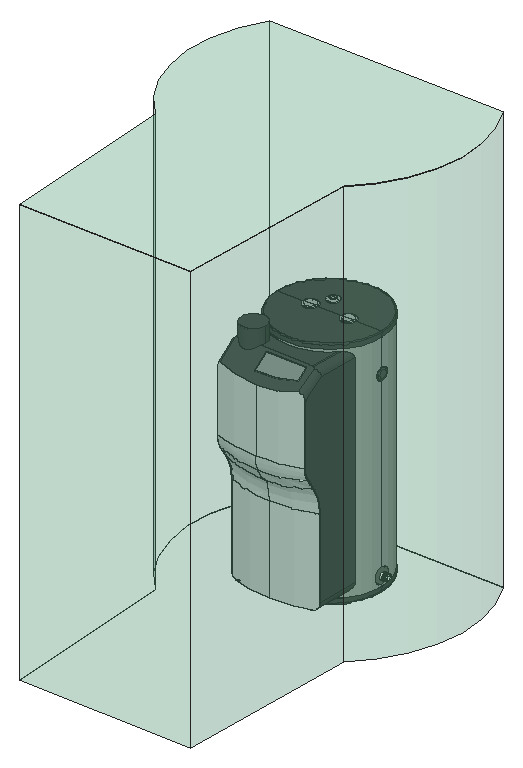
Revit family "Innovo NL_IR 20 200 NL NAT", category Mechanical Equipment, Revit 2015
Parameters (values of type "IR-20-200 NL NAT")
  Werkruimte Radius = Diameter + 170 mm  # 730 mm
  Werkruimte Hoogte = Hoogte + 1000 mm  # 2270 mm
  Werkruimte Afstand Voor = 1000 mm
  Werkruimte [instance] = yes
  Voorzorgsmaatregelen tijdens montage, installatie of onderhoud = "zie Gebruikers, Installatie, Service en Onderhouds handleiding"  # constant formula
  Voltage = 230 V  # constant formula
  Verpakkingslengte = 946 mm  # constant formula
  Verpakkingshoogte = 1465 mm
  Verpakkingsbreedte = 786 mm  # constant formula
  Uitsluitend werkend in daluren = no
  Type aanduiding = "IR-20-160"
  Transportgewicht = 114 kg
  Totaal Gewicht = 274 kg
  Stilstandsverlies - dagelijks (24u) = 0 W
  Stilstandsverlies = 0 W
  Standaard Afgesteld op = "G25.3"
  Stand Regelthermostaat = 65 °C  # constant formula
  Soort Verpakking = "Karton en Hout"  # constant formula
  Slimme controlefunctie = no
  Setpoint thermostaat = 65 °C  # constant formula
  Seizoens Rendement (Hs) = [Rendement (Hs, vlgs. NEN-EN 89 - 1999)]  # 95
  Rendement (Hs, vlgs. NEN-EN 89 - 1999) = 95
  Rendement (Hi, vlgs. NEN-EN 89 - 1999) = 106
  Produktspecificaties Link = ""
  Produkthandleiding Link = ""
  Produkt Model Nummer (EAN-nummer) = "8717449283803"
  Onderhoudsinterval = "12 maanden"  # constant formula
  Nominale Belasting (Onderwaarde) = "18000.0"
  Nominale Belasting (Bovenwaarde) = "20000.0"
  Nominaal Vermogen = "19100.0"
  NOx-uitstoot mg/kWh = "30.0"
  NOx-uitstoot (lucht vrij, 0% O2) ppm = "19"
  Min. Stand Regelthermostaat = 40 °C  # constant formula
  Max. Werkdruk = 800000.0 Pa
  Max. Stand Regelthermostaat = 85 °C  # constant formula
  Max. Rookgastemperatuur = 61 °C
  Ledig Gewicht = 95 kg
  Kraan Hoogte 02 = if(and(Hoogte = 1745 mm, Diameter = 675 mm), 1518 mm, if(and(Hoogte = 1745 mm, Diameter = 610 mm), 1534 mm, if(Hoogte = 1545 mm, 1328 mm, 1070 mm)))  # 1070 mm
  Kraan Hoogte 01 = if(and(Diameter > 560 mm), 693 mm, 604 mm)  # 604 mm
  Uitschakeldruk LDS < = 115.0 Pa
  URL = "www.aosmith.nl"
  Tapcapaciteit bij ΔT = 70°C  na 90 min. = 410.0 L
  Tapcapaciteit bij ΔT = 70°C  na 60 min. = 290.0 L
  Tapcapaciteit bij ΔT = 70°C  na 30 min. = 170.0 L
  Tapcapaciteit bij ΔT = 70°C  na 120 min. = 520.0 L
  Tapcapaciteit bij ΔT = 55°C  na 90 min. = 540.0 L
  Tapcapaciteit bij ΔT = 55°C  na 60 min. = 390.0 L
  Tapcapaciteit bij ΔT = 55°C  na 30 min. = 240.0 L
  Tapcapaciteit bij ΔT = 55°C  na 120 min. = 700.0 L
  Tapcapaciteit bij ΔT = 50°C  na 90 min. = 600.0 L
  Tapcapaciteit bij ΔT = 50°C  na 60 min. = 440.0 L
  Tapcapaciteit bij ΔT = 50°C  na 30 min. = 270.0 L
  Tapcapaciteit bij ΔT = 50°C na 120 min. = 770.0 L
  Tapcapaciteit bij ΔT = 44°C na 120 min. = 690.0 L
  Tapcapaciteit bij ΔT = 44°C  na 90 min. = 510.0 L
  Tapcapaciteit bij ΔT = 44°C  na 60 min. = 320.0 L
  Tapcapaciteit bij ΔT = 44°C  na 30 min. = 880.0 L
  Tapcapaciteit bij ΔT = 28°C na 90 min. = 1200.0 L
  Tapcapaciteit bij ΔT = 28°C na 60 min. = 820.0 L
  Tapcapaciteit bij ΔT = 28°C na 30 min. = 530.0 L
  Tapcapaciteit bij ΔT = 28°C na 120 min. = 1500.0 L
  Tapcapaciteit Continu bij ΔT = 70°C = 240.0 L/s
  Tapcapaciteit Continu bij ΔT = 55°C = 300.0 L/s
  Tapcapaciteit Continu bij ΔT = 50°C = 330.0 L/s
  Tapcapaciteit Continu bij ΔT = 44°C = 380.0 L/s
  Tapcapaciteit Continu bij ΔT = 28°C = 590.0 L/s
  Opwarmtijd bij ΔT = 70°C = "27"
  Opwarmtijd bij ΔT = 55°C = "21"
  Opwarmtijd bij ΔT = 50°C = "19"
  Opwarmtijd bij ΔT = 44°C = "17"
  Opwarmtijd bij ΔT = 28°C = "11"
  Model = "IR-20-160 NL NAT"
  Manufacturer = "A.O. Smith Water Products Company b.v."  # constant formula
  Length = 780 mm  # constant formula
  Jaarlijks elektriciteitsverbruik (2) = "-"
  Jaarlijks elektriciteitsverbruik (1) = "37 kWh"
  Jaarlijks brandstofverbruik (2) = "-"
  Jaarlijks brandstofverbruik (1) = "16 GJ GCV"
  Isolatiedikte = 50 mm
  Installatie Typen = "B23/C13/C33/C43/C53/C63"  # constant formula
  Inhoud = 160.0 L
  Hoogte Warm Water Uitlaat = 1270 mm
  Hoogte Rookgasafvoer = 1295 mm
  Hoogte Lucht Inlaat = 1295 mm
  Hoogte Koud Water Inlaat = 170 mm
  Hoogte Gas Aansluiting = 860 mm
  Hoogte = 1270 mm
  Handelsmerk = "A.O. Smith"  # constant formula
  Geluidsniveau dB (A) = "<45"  # constant formula
  Geluidsniveau binnen = "52 dB"
  Gasverbruik - Volume ltr/hr = "1.90"
  Gasverbruik - Massa kg/h = "n.v.t."
  Gascategorie = "II2EK3B/P"  # constant formula
  Gas Voordruk = 2500.0 Pa
  Gas Aansluiting = 15"  # constant formula
  Garrantie op Tank = "36 maanden"  # constant formula
  Garrantie op Onderdelen = "12 maanden"  # constant formula
  Frequentie = 50 Hz  # constant formula
  Fase = 1
  Fabrikantnummer = "E 7110"  # constant formula
  Energie-efficiëntieklasse voor waterverwarming (2) = "-"
  Energie-efficiëntieklasse voor waterverwarming (1) = "A"  # constant formula
  Energie-efficiëntie voor waterverwarming (2) = "-"
  Energie-efficiëntie voor waterverwarming (1) = "92%"
  Elektrisch Vermogen (piek) = 85 W
  Elektrisch Vermogen (nominaal) = 36 W
  Diameter Schoorsteen - parallel systeem = "2x80"  # constant formula
  Diameter Schoorsteen - concentrisch systeem = "80/125 mm/mm"  # constant formula
  Diameter Schoorsteen - boiler = "80/125 mm/mm"  # constant formula
  Diameter = 560 mm
  Description = "Condenserende Hoog Rendementsboiler"  # constant formula
  Created By = "http://www.cadcompany.nl/"
  Capaciteitsprofiel = "XL"
  CO2-uitstoot (tol. +/- 1.0) vol% = "9.3"
  CE-PIN = "0063CQ3037"  # constant formula
  Breedte = Diameter  # 560 mm
  Bestemming / Land = "Nederland"  # constant formula
  BIM Content Developer = "CAD & Company"  # constant formula
  Assembly Code = "D3010"
  Ander capaciteitsprofiel = "-"
  Aansluiting Warm Water = 3/4"
  Aansluiting T&P = 3/4"
  Aansluiting Koud Water = 3/4"  # constant formula
  Aansluiting Condensafvoer = 40 mm  # constant formula
  Aansluiting Aftapkraan = 3/4"  # constant formula
  2e Onderhoud (algeheel onderhoud) = "12 maanden na installatie"  # constant formula
  1e Onderhoud (check-up) = "3 maanden na installatie"  # constant formula
Reference planes
  plane 1 "Center (Front/Back)": y = 0
  plane 2: z = 0
  plane 3 "Center (Left/Right)": x = 0
  plane 4 "Pipe": through (-383.901, 912.349, 194.799) normal (-0.0879, -0.0879, 0.9923)
  plane 5 "footing": y = 118.925
  plane 6 "footing front": y = -237.85
  plane 7: x = -280
  plane 8: x = 280
  plane 9: z = 1270
Forms (mm)
  Revolve 1, solid, material "RAL 9005", detail levels medium+fine
    sketch origin (0, -237.85, 0) x (-1, 0, 0) y (0, 0, 1)
      loop
        line (0, 28.9) -> (-15, 28.9) -> (-15, 26.4) -> (-8.671, 26.4) -> (-8.671, 18) -> (-5.686, 18) -> (-6.626, 17.06) -> (-6.626, 12.06) -> (-8.671, 12.06) -> (-8.671, 10) -> (-10.031, 10) -> (-23.271, 5.181)
        arc (-23.271, 5.181) -> (-23.763, 4.836) -> (-24.017, 4.293) r 1.159
        line (-24.017, 4.293) -> (-24.017, 1.03)
        arc (-24.017, 1.03) -> (-23.715, 0.302) -> (-22.986, 0) r 1.03
        line (-22.986, 0) -> (0, 0) -> (0, 28.9)
      axis (0, 28.9) -> (0, 0)
    angle from 0 to 360
  Revolve 2, solid, material "RAL 9005", detail levels medium+fine
    sketch origin (0, 118.925, 0) x (-1, 0, 0) y (0, 0, 1)
      loop
        line (-180.984, 28.9) -> (-195.984, 28.9) -> (-195.984, 26.4) -> (-189.655, 26.4) -> (-189.655, 18) -> (-186.67, 18) -> (-187.61, 17.06) -> (-187.61, 12.06) -> (-189.655, 12.06) -> (-189.655, 10) -> (-191.015, 10) -> (-204.256, 5.181)
        arc (-204.256, 5.181) -> (-204.747, 4.836) -> (-205.001, 4.293) r 1.159
        line (-205.001, 4.293) -> (-205.001, 1.03)
        arc (-205.001, 1.03) -> (-204.699, 0.302) -> (-203.971, 0) r 1.03
        line (-203.971, 0) -> (-180.984, 0) -> (-180.984, 28.9)
      axis (-180.984, 28.9) -> (-180.984, 0)
    angle from 0 to 360
  Revolve 3, solid, material "RAL 9005", detail levels medium+fine
    sketch origin (0, 118.925, 0) x (-1, 0, 0) y (0, 0, 1)
      loop
        line (179.016, 28.9) -> (164.016, 28.9) -> (164.016, 26.4) -> (170.345, 26.4) -> (170.345, 18) -> (173.33, 18) -> (172.39, 17.06) -> (172.39, 12.06) -> (170.345, 12.06) -> (170.345, 10) -> (168.985, 10) -> (155.744, 5.181)
        arc (155.744, 5.181) -> (155.253, 4.836) -> (154.999, 4.293) r 1.159
        line (154.999, 4.293) -> (154.999, 1.03)
        arc (154.999, 1.03) -> (155.301, 0.302) -> (156.029, 0) r 1.03
        line (156.029, 0) -> (179.016, 0) -> (179.016, 28.9)
      axis (179.016, 28.9) -> (179.016, 0)
    angle from 0 to 360
Lines and regions (mm)
  symbolic lines
    curve 1: line (0, 280.06, 0) -> (0, -280.06, 0)
    curve 2: line (-255.06, 0, 0) -> (255.06, 0, 0)
  symbolic lines, style "Workspace"
    curve 3: line (623.261, 380.06, 0) -> (-623.261, 380.06, 0)
    curve 4: arc (-623.261, 380.06, 0) -> (-726.942, -66.745, 0) -> (-543.632, -487.2, 0) r 730
    curve 5: line (-543.632, -487.2, 0) -> (-396.783, -1492.825, 0)
    curve 6: line (-396.783, -1492.825, 0) -> (399.03, -1492.825, 0)
    curve 7: line (399.03, -1492.825, 0) -> (545.76, -484.816, 0)
    curve 8: arc (545.76, -484.816, 0) -> (727.087, -65.154, 0) -> (623.261, 380.06, 0) r 730
Dimensions and locks
  plane 5 "footing" to plane 1 "Center (Front/Back)" = 118.925 mm
  plane 1 "Center (Front/Back)" to plane 6 "footing front" = 237.85 mm
  "Diameter": plane 7 to plane 8
  equal spacing: plane 7, plane 3 "Center (Left/Right)", plane 8
  "Hoogte": plane 9 to plane 2
  "Werkruimte Afstand Voor": curve 6 to nested 3
  "Werkruimte Radius": radius of curve 4
  "Werkruimte Radius": radius of curve 8
  aligned and locked: level to plane 2
  aligned and locked: nested 3 to Revolve 1 sketch curve
  aligned and locked: plane 3 "Center (Left/Right)" to Revolve 1 sketch curve
  aligned and locked: nested 3 to plane 1 "Center (Front/Back)"
  aligned and locked: plane 3 "Center (Left/Right)" to nested 3
  aligned and locked: nested 1 to plane 8
  aligned and locked: nested 5 to plane 8
  aligned and locked: nested 2 to plane 7
  aligned and locked: nested 4 to plane 7
  aligned and locked: nested 7 to plane 7
  aligned and locked: nested 8 to plane 3 "Center (Left/Right)"
  aligned and locked: curve 3 to nested 8
  aligned and locked: nested 8 to nested 3
Automatic sketch dimensions
  Revolve 1 sketch curve to level = 0 mm
  plane 3 "Center (Left/Right)" to Revolve 1 sketch curve = 5.686 mm
  Revolve 1 sketch curve to Revolve 1 sketch curve = 0.94 mm  (x2)
  Revolve 1 sketch curve to Revolve 1 sketch curve = 2.046 mm  (x2)
  Revolve 1 sketch curve to Revolve 1 sketch curve = 1.359 mm
  Revolve 1 sketch curve to Revolve 1 sketch curve = 6.329 mm
  level to Revolve 1 sketch curve = 4.091 mm
  Revolve 1 sketch curve to Revolve 1 sketch curve = 12.844 mm
  level to Revolve 1 sketch curve = 1.03 mm
  Revolve 1 sketch curve to Revolve 1 sketch curve = 0.111 mm
  level to Revolve 1 sketch curve = 5.181 mm
  Revolve 1 sketch curve to Revolve 1 sketch curve = 0.745 mm
  level to Revolve 1 sketch curve = 10 mm
  Revolve 1 sketch curve to Revolve 1 sketch curve = 2.06 mm
  Revolve 1 sketch curve to Revolve 1 sketch curve = 5 mm
  Revolve 1 sketch curve to Revolve 1 sketch curve = 8.4 mm
  Revolve 1 sketch curve to Revolve 1 sketch curve = 2.5 mm
  Revolve 1 sketch curve to level = 19.635 mm
  Revolve 1 sketch curve to Revolve 1 sketch curve = 46.465 mm
  Revolve 2 sketch curve to level = 0 mm
  level to Revolve 2 sketch curve = 1.03 mm
  Revolve 2 sketch curve to plane 8 = 74.999 mm
  level to Revolve 2 sketch curve = 5.181 mm
  Revolve 2 sketch curve to Revolve 2 sketch curve = 0.745 mm
  Revolve 2 sketch curve to Revolve 2 sketch curve = 0.397 mm
  Revolve 2 sketch curve to Revolve 2 sketch curve = 8.271 mm
  Revolve 2 sketch curve to Revolve 2 sketch curve = 13.241 mm
  Revolve 2 sketch curve to Revolve 2 sketch curve = 1.359 mm
  Revolve 2 sketch curve to Revolve 2 sketch curve = 6.329 mm
  Revolve 2 sketch curve to Revolve 2 sketch curve = 2.046 mm
  level to Revolve 2 sketch curve = 18 mm
  Revolve 2 sketch curve to Revolve 2 sketch curve = 0.94 mm  (x2)
  Revolve 2 sketch curve to Revolve 2 sketch curve = 8.671 mm
  Revolve 2 sketch curve to Revolve 2 sketch curve = 1.089 mm
  Revolve 2 sketch curve to Revolve 2 sketch curve = 8 mm
  Revolve 2 sketch curve to Revolve 2 sketch curve = 2.06 mm
  Revolve 2 sketch curve to Revolve 2 sketch curve = 8.4 mm
  Revolve 2 sketch curve to Revolve 2 sketch curve = 2.5 mm
  Revolve 2 sketch curve to Revolve 2 sketch curve = 0 mm
  Revolve 2 sketch curve to level = 19.635 mm
  Revolve 2 sketch curve to Revolve 2 sketch curve = 46.465 mm
  Revolve 3 sketch curve to level = 0 mm
  level to Revolve 3 sketch curve = 1.03 mm
  Revolve 3 sketch curve to plane 7 = 125.001 mm
  level to Revolve 3 sketch curve = 5.181 mm
  Revolve 3 sketch curve to Revolve 3 sketch curve = 0.745 mm
  Revolve 3 sketch curve to Revolve 3 sketch curve = 0.397 mm
  Revolve 3 sketch curve to Revolve 3 sketch curve = 8.271 mm
  Revolve 3 sketch curve to Revolve 3 sketch curve = 13.241 mm
  Revolve 3 sketch curve to Revolve 3 sketch curve = 1.359 mm
  Revolve 3 sketch curve to Revolve 3 sketch curve = 6.329 mm
  Revolve 3 sketch curve to Revolve 3 sketch curve = 2.046 mm
  level to Revolve 3 sketch curve = 18 mm
  Revolve 3 sketch curve to Revolve 3 sketch curve = 0.94 mm  (x2)
  Revolve 3 sketch curve to Revolve 3 sketch curve = 8.671 mm
  Revolve 3 sketch curve to Revolve 3 sketch curve = 1.089 mm
  Revolve 3 sketch curve to Revolve 3 sketch curve = 8 mm
  Revolve 3 sketch curve to Revolve 3 sketch curve = 2.06 mm
  Revolve 3 sketch curve to Revolve 3 sketch curve = 8.4 mm
  Revolve 3 sketch curve to Revolve 3 sketch curve = 2.5 mm
  Revolve 3 sketch curve to Revolve 3 sketch curve = 0 mm
  Revolve 3 sketch curve to level = 19.635 mm
  Revolve 3 sketch curve to Revolve 3 sketch curve = 46.465 mm
  curve 4 to curve 8 = 0 mm  (x2)
  plane 1 "Center (Front/Back)" to curve 2 = 0 mm
  curve 1 to plane 3 "Center (Left/Right)" = 0 mm
  plane 1 "Center (Front/Back)" to curve 4 = 0 mm
  curve 4 to plane 3 "Center (Left/Right)" = 0 mm
  curve 5 to plane 6 "footing front" = 249.35 mm
  plane 7 to curve 5 = 116.783 mm
  plane 8 to curve 7 = 119.03 mm
  curve 7 to plane 6 "footing front" = 246.966 mm
  curve 2 to plane 7 = 24.94 mm
  curve 2 to plane 8 = 24.94 mm
  curve 1 to plane 6 "footing front" = 42.21 mm
  plane 5 "footing" to curve 1 = 161.135 mm
Nested families
  nested 1: "Valve" at (280, -0.38, 1070) x (0, 1, 0) z (0, 0, 1), built-in parameter 1001364 <- "Kraan Hoogte 02", type "Valve"
  nested 2: "Drain Valve" at (-280, 0, 1070), built-in parameter 1001364 <- "Kraan Hoogte 02", type "Drain Valve"
  nested 3: "Housing Mother Housing S 57 (external)" at (0, -274.886, 0), type "Housing Mother_Housing S_57"
  nested 4: "Drain Valve" at (-280, 0, 177), type "Drain Valve"
  nested 5: "Drain Valve" at (280, 0, 107) x (-1, 0, 0) z (0, 0, 1), type "Drain Valve"
  nested 6: "Boiler" at (0, 0, 0), height <- "Hoogte", type "Boiler"
    with height 1270 mm
  nested 7: "Drain Valve" at (-280, 0, 604), built-in parameter 1001364 <- "Kraan Hoogte 01", type "Drain Valve"
  nested 8: "Innovo_workspace" at (0, 0, 0), Workspace <- "Werkruimte", Workspace Distance Front <- "Werkruimte Afstand Voor", Workspace Height <- "Werkruimte Hoogte", Workspace Radius <- "Werkruimte Radius", type "Workspace"
    with Workspace Radius 730 mm, Workspace Height 2270 mm, Workspace Distance Front 1000 mm, Workspace yes, Center to Front 492.825 mm
Connectors
  piping at (314.826, 0, 107), diameter 19.05, driven by "Aansluiting Aftapkraan"
    settings: on nested 5, index 1, connector inside diameter 24", connector length 0 mm, flow factor 0, pipe flow 0.0 L/s, pressure drop 0.0 Pa, fitting loss kfactor 0, connector angle 0.00°, fixture units 0, engagement length 0 mm, angle of deflection 0.00°, flow configuration 0, flow direction 0, fitting loss method 0, system type 19, joint type 0, gender type 0, connector reference index -1, connector utility 0, adjustable connector no, is connector primary yes, connector description ""
  hvac at (-147.013, -321.326, 1310.674)
    settings: on nested 3, index 2, duct flow 0.0 L/s, flow factor 0, pres drop 0.0 Pa, loss coef 0, conn angle 0.00°, conn width 304.8 mm, conn height 304.8 mm, conn diameter 125 mm, duct sys type 4, conn prof type 0, flow config 0, flow direction 0, loss method 0, conn ref index -1, conn util no, is conn primary yes, conn desc ""
Definition of nested family "Valve"
  Parameters (values of type "Valve")
    Type Comments = "T&P valve (internal)"
    Manufacturer = "A.O. Smith"
  Reference planes
    plane 1 "Center (Front/Back)": y = 0
    plane 2: z = 0
    plane 3 "Center (Left/Right)": x = 0
  Forms (mm)
    Extrusion 1, solid, detail levels fine
      sketch origin (0, 0, 0) x (1, 0, 0) y (0, 0, 1)
        loop
          circle (0, 0) r 31.5
      from -2.271 to 1.4
    Sweep 2, solid, detail levels fine
      path origin (0, -1.4, 0) x (1, 0, 0) y (0, 0, 1)
        loop
          circle (0, 0) r 31.5
      profile origin (0, -1.4, 31.5) x (0, 0, -1) y (0, -1, 0)
        loop
          line (7.3, 0) -> (7.3, 3) -> (0, 0) -> (7.3, 0)
  Dimensions and locks
    aligned and locked: level to plane 2
Definition of nested family "Drain Valve"
  Reference planes
    plane 1 "Center (Front/Back)": y = 0
    plane 2: z = 0
    plane 3 "Center (Left/Right)": x = 0
  Forms (mm)
    Revolve 1, solid, detail levels medium+fine
      sketch origin (0, 0, 0) x (1, 0, 0) y (0, 0, 1)
        loop
          line (-33.442, 15.696) -> (-34.826, 14.329) -> (-34.93, 12.731) -> (-16.555, 12.731) -> (-16.555, 0) -> (15.787, 0) -> (15.787, 18.3) -> (-14.4, 18.3) -> (-17.148, 15.533) -> (-18.729, 16.697) -> (-20.091, 15.333) -> (-21.672, 16.496) -> (-23.034, 15.133) -> (-24.614, 16.296) -> (-25.976, 14.932) -> (-27.557, 16.096) -> (-28.919, 14.732) -> (-30.5, 15.896) -> (-31.862, 14.532) -> (-33.442, 15.696)
        axis (-34.93, 0) -> (15.787, 0)
      angle from 0 to 360
  Dimensions and locks
    aligned and locked: level to plane 2
  Nested families
    nested 1: "Rubber sealing" at (2.592, -0.155, 0) x (0.0023, -1, 0) z (0, 0, 1), type "Rubber sealing", detail levels fine
  Definition of nested family "Rubber sealing"
    Reference planes
      plane 1 "Center (Front/Back)": y = 0
      plane 2: z = 0
      plane 3 "Center (Left/Right)": x = 0
    Forms (mm)
      Extrusion 1, solid, detail levels fine
        sketch origin (141.861, 319.581, 0) x (1, 0, 0) y (0, 1, 0)
          loop
            line (-216.354, -311.898) -> (-216.354, -313.94)
            arc (-216.354, -313.94) -> (-141.602, -321.581) -> (-66.861, -313.835) r 366.966
            line (-66.861, -313.835) -> (-66.861, -311.791)
            arc (-66.861, -311.791) -> (-141.602, -319.581) -> (-216.354, -311.898) r 364.966
        from -80 to 80
      Extrusion 2, void
        sketch origin (141.861, 319.581, 0) x (1, 0, 0) y (0, 0, 1)
          loop
            circle (-141.861, 0) r 13
          loop
            circle (-141.861, 0) r 110
          loop
            circle (-141.861, 0) r 40
        from 311.563 to 332.684
      Extrusion 3, void
        sketch origin (141.861, 319.581, 0) x (1, 0, 0) y (0, 0, 1)
          loop
            circle (-141.861, 0) r 18.25
        from 315.524 to 326.084
    Cuts and joins
      Extrusion 2, Extrusion 3 cuts Extrusion 1
    Dimensions and locks
      aligned and locked: level to plane 2
Definition of nested family "Housing Mother Housing S 57 (external)"
  Parameters (values of type "Housing Mother_Housing S_57")
    radius [instance] = 280 mm
    distance to boiler center = if(diameter = 675 mm, 189 mm, if(diameter = 610 mm, 154 mm, 129 mm))  # 129 mm
    diameter = 560 mm
  Reference planes
    plane 1 "Center (Front/Back)": y = 0
    plane 2: z = 0
    plane 3 "Center (Left/Right)": x = 0
    plane 4 "left": through (-245.286, 145.886, 1200) normal (0.9994, 0.0349, 0)
    plane 5: y = -217.939
    plane 6: y = 145.886
    plane 7: z = 1232.6
    plane 8: z = 65.89
    plane 9 "right": through (245.286, 145.886, 1200) normal (0.9994, -0.0349, 0)
    plane 10 "display": through (0, -90.37, 1221.196) normal (0, -0.5736, 0.8192)
    plane 11 "Potentiostat": z = 867.899
    plane 12 "boiler center": y = 274.886
    plane 13: x = -280
    plane 14: x = 280
  Forms (mm)
    Extrusion 1, solid
      sketch origin (0, 0, 0) x (1, 0, 0) y (0, 1, 0)
        loop
          line (-245.286, 145.886) -> (-232.581, -217.939) -> (232.581, -217.939) -> (245.286, 145.886)
          arc (245.286, 145.886) -> (0, 0.923) -> (-245.286, 145.886) r 280
      from 0 to 1232.6
    Sweep 2, void
      path origin (0, 0, 0) x (0, 1, 0) y (0, 0, 1)
        loop
          line (-217.939, 1232.6) -> (-217.939, 795.555)
          arc (-217.939, 795.555) -> (-212.387, 754.285) -> (-197.694, 715.322) r 183.924
          arc (-197.694, 715.322) -> (-179.915, 684.628) -> (-159.106, 655.901) r 348.284
          arc (-159.106, 655.901) -> (-131.411, 600.328) -> (-121.88, 538.973) r 202.254
          line (-121.88, 538.973) -> (-121.88, 61.106)
      profile origin (0, -217.939, 1014.077) x (1, 0, 0) y (0, 1, 0)
        loop
          arc (0, 0) -> (-117.533, 9.941) -> (-231.728, 39.475) r 699.984
          arc (-231.728, 39.475) -> (-233.391, 40.705) -> (-234.07, 42.659) r 3.505
          line (-234.07, 42.659) -> (-254.062, 42.659) -> (-254.062, -142.593) -> (254.07, -142.593) -> (254.07, 42.659) -> (234.07, 42.659)
          arc (234.07, 42.659) -> (233.391, 40.705) -> (231.728, 39.475) r 3.505
          arc (231.728, 39.475) -> (117.533, 9.941) -> (0, 0) r 699.984
    Extrusion 3, void
      sketch origin (0, 0, 0) x (0, 1, 0) y (0, 0, 1)
        loop
          arc (102.864, 70.869) -> (99.804, 70.709) -> (96.874, 69.813) r 12.57
          arc (96.874, 69.813) -> (87.878, 66.533) -> (78.516, 64.529) r 69.114
          arc (78.516, 64.529) -> (76.41, 64.284) -> (74.294, 64.148) r 41.206
          arc (74.294, 64.148) -> (65.203, 64.335) -> (56.122, 64.782) r 318.661
          arc (56.122, 64.782) -> (30.585, 66.179) -> (5.028, 67.128) r 1456.581
          line (5.028, 67.128) -> (-84.534, 73.135)
          arc (-84.534, 73.135) -> (-86.363, 73.808) -> (-87.536, 75.365) r 3.455
          line (-87.536, 75.365) -> (-264.473, 75.365) -> (-264.473, 0) -> (160.886, 0) -> (160.886, 103.945) -> (145.886, 103.945)
          arc (145.886, 103.945) -> (145.104, 97.827) -> (142.923, 92.059) r 26.364
          arc (142.923, 92.059) -> (141.067, 88.936) -> (138.867, 86.045) r 31.715
          arc (138.867, 86.045) -> (135.576, 82.49) -> (132.021, 79.2) r 62.615
          arc (132.021, 79.2) -> (125.841, 74.697) -> (119.091, 71.103) r 54.444
          arc (119.091, 71.103) -> (116.371, 70.272) -> (113.531, 70.123) r 11.669
          line (113.531, 70.123) -> (102.864, 70.869)
      from -254.062 to 254.07
    Sweep 4, void
      path origin (0, 0, 0) x (1, 0, 0) y (0, 1, 0)
        loop
          line (-245.286, 145.886) -> (-232.581, -217.939)
      profile origin (-238.933, -36.027, 0) x (0.999391, 0.034899, 0) y (0, 0, 1)
        loop
          line (-4.454, 0) -> (47.084, 0) -> (47.084, 73.431)
          arc (47.084, 73.431) -> (14.222, 85.134) -> (0.255, 117.1) r 43.922
          line (0.255, 117.1) -> (-4.454, 117.1) -> (-4.454, 0)
    Sweep 5, void
      path origin (0, 0, 0) x (-1, 0, 0) y (0, 1, 0)
        loop
          line (-245.286, 145.886) -> (-232.581, -217.939)
      profile origin (238.933, -36.027, 0) x (0.999391, -0.034899, 0) y (0, 0, 1)
        loop
          line (4.454, 0) -> (4.454, 117.1) -> (-0.255, 117.1)
          arc (-0.255, 117.1) -> (-14.222, 85.134) -> (-47.084, 73.431) r 43.922
          line (-47.084, 73.431) -> (-47.084, 0) -> (4.454, 0)
    Sweep 6, void
      path origin (-239.899, -8.377, 0) x (-0.034899, 0.999391, 0) y (0, 0, 1)
        loop
          line (-209.69, 1141.272) -> (-79.18, 1232.6) -> (154.358, 1232.6)
      profile origin (-241.211, 29.188, 1232.6) x (0, 0, 1) y (0.999391, 0.034899, 0)
        loop
          line (-45, -30) -> (75, -30) -> (75, 0) -> (75, 55) -> (2.799, 55) -> (-1.253, 35.128)
          arc (-1.253, 35.128) -> (-16.771, 9.564) -> (-45, -0.308) r 44.287
          line (-45, -0.308) -> (-45, -30)
    Sweep 7, void
      path origin (239.899, -8.377, 0) x (0.034899, 0.999391, 0) y (0, 0, 1)
        loop
          line (-209.69, 1141.272) -> (-79.18, 1232.6) -> (154.358, 1232.6)
      profile origin (241.211, 29.188, 1232.6) x (0, 0, -1) y (-0.999391, 0.034899, 0)
        loop
          line (-75, -25) -> (45, -25) -> (45, -0.308)
          arc (45, -0.308) -> (16.771, 9.564) -> (1.253, 35.128) r 44.287
          line (1.253, 35.128) -> (-2.799, 55) -> (-75, 55) -> (-75, -25)
    Extrusion 8, void
      sketch origin (0, 0, 0) x (0, 1, 0) y (0, 0, 1)
        loop
          line (-270, 1336.099) -> (-270, 1099.081) -> (68.497, 1336.099) -> (-270, 1336.099)
      from -425.038 to 444.42
    Extrusion 9, solid, detail levels medium+fine
      sketch origin (0, 0, 0) x (1, 0, 0) y (0, 1, 0)
        loop
          circle (-147.013, -46.44) r 65
      from 1163.174 to 1310.674
    Extrusion 10, void
      sketch origin (0, -603.506, 861.895) x (0, 0.819152, 0.573576) y (-1, 0, 0)
        loop
          arc (618.322, -173) -> (623.272, -170.95) -> (625.322, -166) r 7
          line (625.322, -166) -> (625.322, 35)
          arc (625.322, 35) -> (623.272, 39.95) -> (618.322, 42) r 7
          line (618.322, 42) -> (535.473, 42)
          arc (535.473, 42) -> (530.688, 40.11) -> (528.488, 35.46) r 7
          arc (528.488, 35.46) -> (531.569, -67.592) -> (554.18, -168.18) r 540
          arc (554.18, -168.18) -> (556.724, -171.668) -> (560.831, -173) r 7
          line (560.831, -173) -> (618.322, -173)
      from 0 to 137.286
    Sweep 11, solid, detail levels fine
      path origin (0, 0, 867.899) x (-1, 0, 0) y (0, -1, 0)
        loop
          line (309.749, -35.617) -> (204.371, -35.617)
          arc (204.371, -35.617) -> (196.509, -34.687) -> (189.082, -31.947) r 33.677
          line (189.082, -31.947) -> (-9.574, 69.274)
      profile origin (-257.06, 35.617, 867.899) x (0, 1, 0) y (0, 0, 1)
        loop
          circle (0, 0) r 7.316
        loop
          circle (0, 0) r 6.465
    Revolve 12, void
      sketch origin (0, 274.886, 0) x (-1, 0, 0) y (0, 0, 1)
        loop
          line (280, 1243.838) -> (0, 1243.838) -> (0, 54.9) -> (280, 54.9) -> (280, 1243.838)
        axis (0, 1243.838) -> (0, 54.9)
      angle from 0 to 360
  Cuts and joins
    Sweep 2, Extrusion 3, Sweep 4, Sweep 5, Sweep 6, Sweep 7, Extrusion 8, Extrusion 10, Revolve 12 cuts Extrusion 1
  Dimensions and locks
    plane 8 to plane 2 = 65.89 mm
    plane 7 to plane 8 = 1166.71 mm
    "distance to boiler center": plane 12 "boiler center" to plane 6
    "diameter": plane 14 to plane 13
    equal spacing: plane 14, plane 3 "Center (Left/Right)", plane 13
    "radius": plane 3 "Center (Left/Right)" to plane 13
    aligned and locked: level to plane 2
    aligned and locked: Extrusion 1 to plane 7
    aligned and locked: Extrusion 1 sketch curve to plane 5
    aligned and locked: Sweep 2 to Extrusion 3
    aligned and locked: Extrusion 3 to Sweep 2  (x2)
    aligned and locked: plane 7 to Sweep 2 sketch curve
    aligned and locked: plane 3 "Center (Left/Right)" to Revolve 12 sketch curve
    aligned and locked: Revolve 12 sketch curve to plane 3 "Center (Left/Right)"
    aligned and locked: plane 13 to Revolve 12 sketch curve
  Automatic sketch dimensions
    Extrusion 1 sketch curve to plane 4 "left" = 0 mm  (x2)
    Extrusion 1 sketch curve to plane 6 = 0 mm  (x2)
    Extrusion 1 sketch curve to plane 3 "Center (Left/Right)" = 0 mm
    Extrusion 1 sketch curve to plane 9 "right" = 0 mm
    plane 6 to Extrusion 1 sketch curve = 135.037 mm
    Sweep 2 sketch curve to plane 5 = 0 mm
    plane 5 to Sweep 2 sketch curve = 106.195 mm
    Sweep 2 sketch curve to plane 5 = 96.059 mm
    plane 1 "Center (Front/Back)" to Sweep 2 sketch curve = 34.053 mm
    plane 11 "Potentiostat" to Sweep 2 sketch curve = 6.417 mm
    Sweep 2 sketch curve to plane 6 = 33.705 mm
    Sweep 2 sketch curve to plane 11 "Potentiostat" = 68.615 mm
    Sweep 2 sketch curve to plane 11 "Potentiostat" = 72.345 mm
    Sweep 2 sketch curve to Sweep 2 sketch curve = 176.349 mm
    Sweep 2 sketch curve to Sweep 2 sketch curve = 0 mm  (x2)
    plane 8 to Sweep 2 sketch curve = 4.784 mm
    Extrusion 3 sketch curve to level = 0 mm
    Extrusion 3 sketch curve to plane 6 = 0 mm
    Extrusion 3 sketch curve to plane 6 = 26.363 mm
    Extrusion 3 sketch curve to Extrusion 3 sketch curve = 4.75 mm
    Extrusion 3 sketch curve to Extrusion 3 sketch curve = 5.179 mm
    Extrusion 3 sketch curve to plane 8 = 4.232 mm
    Extrusion 3 sketch curve to Extrusion 3 sketch curve = 0.814 mm
    Extrusion 3 sketch curve to plane 8 = 4.978 mm
    Extrusion 3 sketch curve to Extrusion 3 sketch curve = 10.667 mm
    Extrusion 3 sketch curve to Extrusion 3 sketch curve = 0.877 mm
    Extrusion 3 sketch curve to Extrusion 3 sketch curve = 17.827 mm
    Extrusion 3 sketch curve to Extrusion 3 sketch curve = 5.646 mm
    Extrusion 3 sketch curve to plane 6 = 69.562 mm
    Extrusion 3 sketch curve to Extrusion 3 sketch curve = 18.6 mm
    Extrusion 3 sketch curve to Extrusion 3 sketch curve = 22.538 mm
    Extrusion 3 sketch curve to plane 8 = 1.238 mm
    Extrusion 3 sketch curve to plane 1 "Center (Front/Back)" = 5.028 mm
    plane 1 "Center (Front/Back)" to Extrusion 3 sketch curve = 36.224 mm
    Extrusion 3 sketch curve to plane 8 = 10.692 mm
    plane 1 "Center (Front/Back)" to Extrusion 3 sketch curve = 84.302 mm
    Extrusion 3 sketch curve to plane 8 = 7.244 mm
    Extrusion 3 sketch curve to Extrusion 3 sketch curve = 0.231 mm
    Extrusion 3 sketch curve to Extrusion 3 sketch curve = 3.234 mm
    plane 5 to Extrusion 3 sketch curve = 46.534 mm
    plane 6 to Extrusion 3 sketch curve = 15 mm
    Extrusion 3 sketch curve to level = 1388.869 mm
    plane 8 to Extrusion 3 sketch curve = 7.561 mm
    Extrusion 3 sketch curve to Extrusion 3 sketch curve = 11.64 mm
    Extrusion 3 sketch curve to plane 8 = 38.054 mm
    Extrusion 3 sketch curve to Extrusion 3 sketch curve = 22.442 mm
    Extrusion 3 sketch curve to plane 8 = 39.432 mm
    Extrusion 3 sketch curve to Extrusion 3 sketch curve = 2.466 mm
    Extrusion 3 sketch curve to Extrusion 3 sketch curve = 14.17 mm
    Extrusion 3 sketch curve to Extrusion 3 sketch curve = 5.925 mm
    Extrusion 3 sketch curve to Extrusion 3 sketch curve = 6.186 mm
    Extrusion 3 sketch curve to Extrusion 3 sketch curve = 249.85 mm
    Extrusion 3 sketch curve to Extrusion 3 sketch curve = 0 mm  (x4)
    Extrusion 3 sketch curve to Extrusion 3 sketch curve = 6.845 mm
    plane 8 to Extrusion 3 sketch curve = 1.743 mm
    Sweep 4 sketch curve to plane 4 "left" = 0 mm  (x2)
    Sweep 4 sketch curve to plane 6 = 0 mm
    plane 5 to Sweep 4 sketch curve = 0 mm
    Sweep 4 sketch curve to level = 0 mm
    profile plane to Sweep 4 sketch curve = 4.454 mm
    Sweep 4 sketch curve to profile plane = 0.255 mm
    Sweep 4 sketch curve to Sweep 4 sketch curve = 43.922 mm
    Sweep 4 sketch curve to profile plane = 47.084 mm
    level to Sweep 4 sketch curve = 73.431 mm
    Sweep 4 sketch curve to Sweep 4 sketch curve = 43.669 mm
    Sweep 5 sketch curve to plane 6 = 0 mm
    Sweep 5 sketch curve to plane 9 "right" = 0 mm  (x2)
    plane 5 to Sweep 5 sketch curve = 0 mm
    Sweep 5 sketch curve to level = 0 mm
    profile plane to Sweep 5 sketch curve = 47.084 mm
    Sweep 5 sketch curve to Sweep 5 sketch curve = 2.907 mm
    profile plane to Sweep 5 sketch curve = 0.255 mm
    Sweep 5 sketch curve to profile plane = 4.454 mm
    level to Sweep 5 sketch curve = 73.431 mm
    Sweep 5 sketch curve to Sweep 5 sketch curve = 43.669 mm
    Sweep 6 sketch curve to plane 7 = 0 mm
    plane 7 to Sweep 6 sketch curve = 91.328 mm
    Sweep 6 sketch curve to Sweep 6 sketch curve = 130.509 mm
    Sweep 6 sketch curve to Sweep 6 sketch curve = 233.538 mm
    Sweep 6 sketch curve to plane 4 "left" = 0 mm
    profile plane to Sweep 6 sketch curve = 45 mm
    Sweep 6 sketch curve to Sweep 6 sketch curve = 0.354 mm
    profile plane to Sweep 6 sketch curve = 1.253 mm
    Sweep 6 sketch curve to profile plane = 2.799 mm
    Sweep 6 sketch curve to Sweep 6 sketch curve = 72.201 mm
    Sweep 6 sketch curve to plane 4 "left" = 0.308 mm
    Sweep 6 sketch curve to Sweep 6 sketch curve = 29.692 mm
    plane 4 "left" to Sweep 6 sketch curve = 35.128 mm
    plane 4 "left" to Sweep 6 sketch curve = 55 mm
    Sweep 7 sketch curve to plane 7 = 0 mm
    Sweep 7 sketch curve to plane 7 = 91.328 mm
    Sweep 7 sketch curve to Sweep 7 sketch curve = 130.509 mm
    Sweep 7 sketch curve to Sweep 7 sketch curve = 233.538 mm
    Sweep 7 sketch curve to plane 9 "right" = 25 mm
    profile plane to Sweep 7 sketch curve = 75 mm
    profile plane to Sweep 7 sketch curve = 2.799 mm
    Sweep 7 sketch curve to profile plane = 1.253 mm
    Sweep 7 sketch curve to Sweep 7 sketch curve = 43.393 mm
    Sweep 7 sketch curve to profile plane = 45 mm
    Sweep 7 sketch curve to plane 9 "right" = 0.308 mm
    plane 9 "right" to Sweep 7 sketch curve = 35.128 mm
    Sweep 7 sketch curve to Sweep 7 sketch curve = 19.872 mm
    plane 5 to Extrusion 8 sketch curve = 52.061 mm
    Extrusion 8 sketch curve to plane 1 "Center (Front/Back)" = 68.497 mm
    plane 7 to Extrusion 8 sketch curve = 133.519 mm
    Extrusion 8 sketch curve to plane 7 = 103.499 mm
    plane 1 "Center (Front/Back)" to Extrusion 9 sketch curve = 46.44 mm
    Extrusion 9 sketch curve to plane 3 "Center (Left/Right)" = 147.013 mm
    Extrusion 10 sketch curve to plane 3 "Center (Left/Right)" = 0 mm
    Extrusion 10 sketch curve to plane 3 "Center (Left/Right)" = 35 mm
    Extrusion 10 sketch curve to Extrusion 10 sketch curve = 25.359 mm
    Extrusion 10 sketch curve to Extrusion 10 sketch curve = 57.491 mm
    Extrusion 10 sketch curve to plane 3 "Center (Left/Right)" = 42 mm
    Extrusion 10 sketch curve to Extrusion 10 sketch curve = 82.85 mm
    Extrusion 10 sketch curve to Extrusion 10 sketch curve = 7 mm
    Extrusion 10 sketch curve to Extrusion 10 sketch curve = 442 mm
    plane 3 "Center (Left/Right)" to Extrusion 10 sketch curve = 166 mm
    Extrusion 10 sketch curve to Extrusion 10 sketch curve = 0 mm  (x2)
    Sweep 11 sketch curve to plane 1 "Center (Front/Back)" = 31.947 mm
    Sweep 11 sketch curve to plane 3 "Center (Left/Right)" = 189.082 mm
    Sweep 11 sketch curve to plane 1 "Center (Front/Back)" = 1.94 mm
    Sweep 11 sketch curve to Sweep 11 sketch curve = 15.289 mm
    plane 3 "Center (Left/Right)" to Sweep 11 sketch curve = 9.574 mm
    Sweep 11 sketch curve to Sweep 11 sketch curve = 105.378 mm
    plane 1 "Center (Front/Back)" to Sweep 11 sketch curve = 69.274 mm
    Sweep 11 sketch curve to Sweep 11 sketch curve = 0 mm  (x2)
    Sweep 11 sketch curve to plane 11 "Potentiostat" = 0 mm
    Sweep 11 sketch curve to profile plane = 0 mm
    plane 8 to Revolve 12 sketch curve = 10.99 mm
    Revolve 12 sketch curve to plane 7 = 11.238 mm
    Revolve 12 sketch curve to level = 366.045 mm
    Revolve 12 sketch curve to Revolve 12 sketch curve = 971.917 mm
    Sweep 2 sketch curve to plane 3 "Center (Left/Right)" = 0 mm
    profile plane to Sweep 2 sketch curve = 0 mm
    Sweep 2 sketch curve to plane 3 "Center (Left/Right)" = 0.016 mm
    Sweep 2 sketch curve to profile plane = 42.782 mm  (x2)
    Sweep 2 sketch curve to plane 3 "Center (Left/Right)" = 230.568 mm
    plane 3 "Center (Left/Right)" to Sweep 2 sketch curve = 0.016 mm
    plane 3 "Center (Left/Right)" to Sweep 2 sketch curve = 230.568 mm
    Sweep 2 sketch curve to Sweep 2 sketch curve = 3.502 mm  (x2)
    Sweep 2 sketch curve to Sweep 2 sketch curve = 20 mm
    profile plane to Sweep 2 sketch curve = 142.593 mm
    Sweep 2 sketch curve to Sweep 2 sketch curve = 0.122 mm  (x2)
    Sweep 2 sketch curve to Sweep 2 sketch curve = 657.203 mm
    Sweep 2 sketch curve to Sweep 2 sketch curve = 19.991 mm
    radius of Extrusion 9 sketch curve = 65 mm
    radius of Sweep 11 sketch curve = 7.316 mm
    radius of Sweep 11 sketch curve = 6.465 mm
  Nested families
    nested 1: "display" at (65.5, -130.939, 1192.79) x (-1, 0, 0) z (0, -0.5736, 0.8192), type "display"
  Definition of nested family "display"
    Parameters (values of type "display")
      Default Elevation = 1219.2 mm
    Reference planes
      plane 1 "Center (Front/Back)": y = 0
      plane 2: z = 0
      plane 3 "Center (Left/Right)": x = 0
    Forms (mm)
      Extrusion 1, solid, detail levels medium+fine
        sketch origin (-16.958, 11.842, -343.878) x (1, 0, 0) y (0, 0, -1)
          loop
            line (-233.523, -343.878) -> (-233.523, -346.592) -> (332.686, -346.592) -> (332.686, -343.878) -> (-233.523, -343.878)
        from -228.7 to 150.822
      Extrusion 2, void
        sketch origin (-16.958, 6.842, -343.878) x (1, 0, 0) y (0, 1, 0)
          loop
            line (-233.523, 155.822) -> (-233.523, -223.7) -> (332.686, -223.7) -> (332.686, 155.822) -> (-233.523, 155.822)
          loop
            arc (-90.542, -48.267) -> (-88.492, -53.216) -> (-83.542, -55.267) r 7
            line (-83.542, -55.267) -> (117.458, -55.267)
            arc (117.458, -55.267) -> (122.408, -53.216) -> (124.458, -48.267) r 7
            line (124.458, -48.267) -> (124.458, 34.583)
            arc (124.458, 34.583) -> (122.568, 39.368) -> (117.918, 41.568) r 7
            arc (117.918, 41.568) -> (14.866, 38.487) -> (-85.722, 15.876) r 540
            arc (-85.722, 15.876) -> (-89.21, 13.332) -> (-90.542, 9.224) r 7
            line (-90.542, 9.224) -> (-90.542, -48.267)
        from 328.878 to 363.083
    Cuts and joins
      Extrusion 2 cuts Extrusion 1
    Dimensions and locks
      aligned and locked: level to plane 2
Definition of nested family "Boiler"
  Parameters (values of type "Boiler")
    radius [instance] = 280 mm
    height [instance] = 1270 mm
    Diameter = 560 mm
  Reference planes
    plane 1 "Center (Front/Back)": y = 0
    plane 2: z = 0
    plane 3 "Center (Left/Right)": x = 0
    plane 4: z = 1243.838
    plane 5: z = 1270
    plane 6 "bottom": z = 28.9
    plane 7: z = 54.9
    plane 8 "top controle": y = 88
    plane 9: x = -280
    plane 10: x = 280
  Forms (mm)
    Revolve 1, solid
      sketch origin (0, 0, 0) x (1, 0, 0) y (0, 0, 1)
        loop
          line (0, 54.9) -> (-280, 54.9) -> (-280, 32.9)
          arc (-280, 32.9) -> (-278.828, 30.072) -> (-276, 28.9) r 4
          line (-276, 28.9) -> (0, 28.9) -> (0, 54.9)
        axis (0, 28.9) -> (0, 54.9)
      angle from 0 to 360
    Revolve 2, solid
      sketch origin (1.311, 0, 0) x (1, 0, 0) y (0, 0, 1)
        loop
          line (-278.86, 1243.838) -> (-278.86, 54.9) -> (-1.311, 54.9) -> (-1.311, 1243.838) -> (-278.86, 1243.838)
        axis (-1.311, 1243.838) -> (-1.311, 54.9)
      angle from 0 to 360
    Revolve 3, solid
      sketch origin (-9.205, 0, 377.212) x (-1, 0, 0) y (0, 0, 1)
        loop
          line (-148.904, 892.788) -> (-110.805, 892.788) -> (-110.805, 895.963) -> (-141.883, 895.963) -> (-148.904, 893.62) -> (-148.904, 892.788)
        axis (-110.805, 892.788) -> (-110.805, 895.963)
      angle from 0 to 360
    Revolve 4, solid
      sketch origin (0, 0, 718.065) x (1, 0, 0) y (0, 0, -1)
        loop
          line (0, -525.773) -> (-280, -525.773) -> (-280, -547.935)
          arc (-280, -547.935) -> (-278.828, -550.763) -> (-276, -551.935) r 4
          line (-276, -551.935) -> (0, -551.935) -> (0, -525.773)
        axis (0, -551.935) -> (0, -525.773)
      angle from 0 to 360
    Revolve 5, solid
      sketch origin (0, 88, 0) x (1, 0, 0) y (0, 0, 1)
        loop
          line (-19.051, 1270) -> (-19.051, 1271.074) -> (-32.63, 1275.604) -> (-32.63, 1271.117) -> (-37.266, 1271.117) -> (-38.383, 1270) -> (-19.051, 1270)
        axis (-50.8, 1270) -> (-50.8, 1275.604)
      angle from 0 to 360
    Revolve 6, solid
      sketch origin (-217.12, 0, 372.245) x (-1, 0, 0) y (0, 0, 1)
        loop
          line (-153.622, 897.755) -> (-115.52, 897.755) -> (-115.52, 900.93) -> (-146.626, 900.93) -> (-153.622, 898.596) -> (-153.622, 897.755)
        axis (-115.52, 897.755) -> (-115.52, 900.93)
      angle from 0 to 360
  Dimensions and locks
    "height": plane 5 to plane 2
    plane 6 "bottom" to plane 2 = 28.9 mm
    locked: plane 5 to plane 4 at 26.162
    locked: plane 1 "Center (Front/Back)" to plane 8 "top controle" at 88
    "Diameter": plane 10 to plane 9
    equal spacing: plane 10, plane 3 "Center (Left/Right)", plane 9
    "radius": plane 3 "Center (Left/Right)" to plane 9
    locked: plane 9 to Revolve 2 sketch curve at 2.452
    aligned and locked: level to plane 2
    aligned and locked: Revolve 2 sketch curve to plane 7
    aligned and locked: Revolve 2 sketch curve to plane 4
    aligned and locked: Revolve 1 sketch curve to plane 7
    aligned and locked: plane 6 "bottom" to Revolve 1 sketch curve
    aligned and locked: Revolve 4 sketch curve to plane 3 "Center (Left/Right)"
    aligned and locked: plane 5 to Revolve 4 sketch curve
    aligned and locked: Revolve 4 sketch curve to plane 4
    aligned and locked: plane 9 to Revolve 4 sketch curve
    aligned and locked: Revolve 1 sketch curve to plane 9
    aligned and locked: Revolve 2 sketch curve to plane 3 "Center (Left/Right)"
    aligned and locked: plane 3 "Center (Left/Right)" to Revolve 2 sketch curve
  Automatic sketch dimensions
    Revolve 1 sketch curve to plane 3 "Center (Left/Right)" = 0 mm  (x2)
    Revolve 1 sketch curve to Revolve 1 sketch curve = 4 mm
    Revolve 1 sketch curve to level = 40 mm
    Revolve 1 sketch curve to Revolve 1 sketch curve = 305.1 mm
    Revolve 2 sketch curve to level = 366.045 mm
    Revolve 2 sketch curve to plane 5 = 945.755 mm
    Revolve 3 sketch curve to plane 5 = 0 mm
    Revolve 3 sketch curve to plane 3 "Center (Left/Right)" = 139.699 mm
    plane 5 to Revolve 3 sketch curve = 3.175 mm
    Revolve 3 sketch curve to Revolve 3 sketch curve = 7.022 mm
    Revolve 3 sketch curve to Revolve 3 sketch curve = 31.078 mm
    Revolve 3 sketch curve to Revolve 3 sketch curve = 0.832 mm
    Revolve 3 sketch curve to Revolve 3 sketch curve = 0 mm
    Revolve 3 sketch curve to Revolve 3 sketch curve = 2.338 mm
    Revolve 3 sketch curve to Revolve 3 sketch curve = 4.487 mm
    Revolve 4 sketch curve to plane 3 "Center (Left/Right)" = 0 mm
    Revolve 4 sketch curve to Revolve 4 sketch curve = 4 mm
    Revolve 4 sketch curve to Revolve 4 sketch curve = 68.738 mm
    Revolve 4 sketch curve to Revolve 4 sketch curve = 305.1 mm
    Revolve 6 sketch curve to plane 5 = 0 mm
    plane 3 "Center (Left/Right)" to Revolve 6 sketch curve = 63.497 mm
    plane 5 to Revolve 6 sketch curve = 3.175 mm
    Revolve 6 sketch curve to Revolve 6 sketch curve = 6.997 mm
    Revolve 6 sketch curve to Revolve 6 sketch curve = 31.106 mm
    Revolve 6 sketch curve to Revolve 6 sketch curve = 0.84 mm
    Revolve 6 sketch curve to Revolve 6 sketch curve = 0 mm
    Revolve 6 sketch curve to Revolve 6 sketch curve = 7.216 mm
    Revolve 6 sketch curve to Revolve 6 sketch curve = 0.391 mm
    Revolve 5 sketch curve to Revolve 5 sketch curve = 13.578 mm
    Revolve 5 sketch curve to Revolve 5 sketch curve = 1.074 mm
    Revolve 5 sketch curve to Revolve 5 sketch curve = 12.417 mm
    Revolve 5 sketch curve to Revolve 5 sketch curve = 5.753 mm
    Revolve 5 sketch curve to plane 5 = 1.117 mm
    Revolve 5 sketch curve to Revolve 5 sketch curve = 1.117 mm
    plane 5 to Revolve 5 sketch curve = 4.396 mm
    Revolve 5 sketch curve to plane 5 = 0 mm
    Revolve 5 sketch curve to Revolve 5 sketch curve = 4.487 mm
    Revolve 5 sketch curve to plane 3 "Center (Left/Right)" = 38.383 mm
    Revolve 5 sketch curve to plane 5 = 5.604 mm
Definition of nested family "Innovo_workspace"
  Parameters (values of type "Workspace")
    Workspace Radius [instance] = 730 mm
    Workspace Height [instance] = 2270 mm
    Workspace Distance Front [instance] = 1000 mm
    Workspace [instance] = yes
    URL = "www.aosmith.nl"
    Model = ""
    Manufacturer = "A.O. Smith Water Products Company b.v."  # constant formula
    Description = ""
    Created By = ""
    Center to Front [instance] = 492.825 mm
    BIM Content Developer = "CAD & Company"  # constant formula
    Assembly Code = ""
  Reference planes
    plane 1 "Center (Front/Back)": y = 0
    plane 2: z = 0
    plane 3 "Center (Left/Right)": x = 0
    plane 4 "Pipe": through (-383.901, 912.349, 194.799) normal (-0.0879, -0.0879, 0.9923)
    plane 5 "front": y = -492.825
  Forms (mm)
    Extrusion 1, solid, visible <- "Workspace"
      sketch origin (0, 0, 0) x (1, 0, 0) y (0, 1, 0)
        loop
          line (456.53, -1492.825) -> (500.201, -531.695)
          arc (500.201, -531.695) -> (723.44, -97.643) -> (623.261, 380.06) r 730
          line (623.261, 380.06) -> (-623.261, 380.06)
          arc (-623.261, 380.06) -> (-723.227, -99.209) -> (-497.893, -533.856) r 730
          line (-497.893, -533.856) -> (-454.283, -1492.825) -> (456.53, -1492.825)
      from 0 to 2270 <- "Workspace Height"
  Lines and regions (mm)
    symbolic lines
      curve 1: line (0, 280.06, 0) -> (0, -280.06, 0)
      curve 2: line (-255.06, 0, 0) -> (255.06, 0, 0)
  Dimensions and locks
    locked: Extrusion 1 sketch curve to curve 1 at 100
    "Workspace Distance Front": plane 5 "front" to Extrusion 1
    "Center to Front": plane 1 "Center (Front/Back)" to plane 5 "front"
    "Workspace Radius": radius of Extrusion 1 sketch curve  (x2)
    aligned and locked: level to plane 2
  Automatic sketch dimensions
    plane 1 "Center (Front/Back)" to curve 2 = 0 mm
    curve 1 to plane 3 "Center (Left/Right)" = 0 mm
    plane 3 "Center (Left/Right)" to curve 2 = 255.06 mm
    curve 1 to plane 1 "Center (Front/Back)" = 280.06 mm
    curve 2 to plane 3 "Center (Left/Right)" = 255.06 mm
    plane 5 "front" to curve 1 = 212.765 mm
    Extrusion 1 sketch curve to Extrusion 1 sketch curve = 0 mm  (x2)
    plane 1 "Center (Front/Back)" to Extrusion 1 sketch curve = 0 mm
    Extrusion 1 sketch curve to plane 3 "Center (Left/Right)" = 0 mm
    Extrusion 1 sketch curve to plane 5 "front" = 41.031 mm
    Extrusion 1 sketch curve to plane 3 "Center (Left/Right)" = 454.283 mm
    plane 3 "Center (Left/Right)" to Extrusion 1 sketch curve = 456.53 mm
    Extrusion 1 sketch curve to plane 5 "front" = 38.869 mm
    Extrusion 1 sketch curve to Extrusion 1 sketch curve = 961.131 mm
